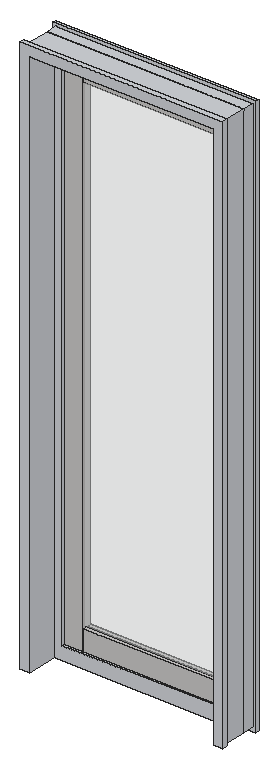
Revit family "APL Residential Thermal Heart Hinged Door Open Out", category Doors, host Wall, Revit 2017 (continued)
Definition of nested family "APL Residential Thermal Heart Hinged Door Open Out Vertical Section"
  Definition of nested family "Open Out Head&Sill"
    Definition of nested family "65200_Rail"
      Lines and regions (mm)
        model lines, in view "Ref. Level"
          curve 4: arc (26.4, 69.48, 0) -> (26.754, 69.626, 0) -> (26.9, 69.98, 0) r 0.5
          curve 5: arc (26.9, 72.45, 0) -> (26.772, 72.668, 0) -> (26.519, 72.663, 0) r 0.25
          curve 6: arc (26.434, 72.611, 0) -> (26.328, 72.479, 0) -> (26.331, 72.309, 0) r 0.25
          curve 7: arc (25.077, 71.544, 0) -> (25.002, 71.511, 0) -> (24.921, 71.5, 0) r 0.3
          curve 8: arc (24.4, 71.5, 0) -> (24.242, 71.578, 0) -> (24.206, 71.75, 0) r 0.2
          curve 9: arc (24.4, 75.753, 0) -> (24.374, 75.875, 0) -> (24.3, 75.976, 0) r 0.3
          curve 10: arc (24.3, 75.976, 0) -> (24.22, 76.307, 0) -> (24.5, 76.5, 0) r 0.3
          curve 11: arc (26.721, 75.957, 0) -> (26.81, 75.905, 0) -> (26.862, 75.816, 0) r 0.2
          curve 12: arc (26.907, 75.648, 0) -> (27.048, 75.507, 0) -> (27.241, 75.559, 0) r 0.2
          curve 13: arc (27.605, 75.922, 0) -> (27.665, 76.008, 0) -> (27.692, 76.108, 0) r 0.3
          curve 14: arc (27.899, 78.474, 0) -> (27.783, 78.738, 0) -> (27.497, 78.782, 0) r 0.3
          curve 15: arc (26.087, 78.268, 0) -> (25.961, 78.181, 0) -> (25.895, 78.043, 0) r 0.3
          curve 16: arc (25.895, 78.043, 0) -> (25.622, 77.801, 0) -> (25.317, 78, 0) r 0.3
          curve 17: arc (9.5, 78, 0) -> (9.359, 77.941, 0) -> (9.3, 77.8, 0) r 0.2
          curve 18: arc (9.3, 77.5, 0) -> (9.38, 77.2, 0) -> (9.6, 76.98, 0) r 0.6
          curve 19: arc (10.7, 76.345, 0) -> (10.773, 76.272, 0) -> (10.8, 76.172, 0) r 0.2
          curve 20: arc (10.8, 72.08, 0) -> (10.507, 71.373, 0) -> (9.8, 71.08, 0) r 1
          curve 21: arc (2.42, 71.08, 0) -> (1.721, 71.366, 0) -> (1.421, 72.06, 0) r 1
          curve 22: arc (1.322, 76.935, 0) -> (1.357, 77.052, 0) -> (1.453, 77.127, 0) r 0.2
          curve 23: arc (1.453, 77.127, 0) -> (1.621, 77.234, 0) -> (1.725, 77.403, 0) r 0.45
          curve 24: arc (1.725, 77.403, 0) -> (1.729, 77.522, 0) -> (1.665, 77.621, 0) r 0.2
          curve 25: arc (0.2, 78, 0) -> (0.059, 77.941, 0) -> (0, 77.8, 0) r 0.2
          curve 26: arc (0, 0.501, 0) -> (0.146, 0.147, 0) -> (0.5, 0, 0) r 0.5
          curve 27: arc (1, 0, 0) -> (1.354, 0.146, 0) -> (1.5, 0.5, 0) r 0.5
          curve 28: arc (1.5, 10.66, 0) -> (1.559, 10.801, 0) -> (1.7, 10.86, 0) r 0.2
          curve 29: arc (31.317, 10.86, 0) -> (31.622, 11.059, 0) -> (31.895, 10.817, 0) r 0.3
          curve 30: arc (31.895, 10.817, 0) -> (31.961, 10.679, 0) -> (32.087, 10.592, 0) r 0.3
          curve 31: arc (33.497, 10.078, 0) -> (33.783, 10.122, 0) -> (33.899, 10.386, 0) r 0.3
          curve 32: arc (33.692, 12.752, 0) -> (33.665, 12.852, 0) -> (33.605, 12.938, 0) r 0.3
          curve 33: arc (33.241, 13.301, 0) -> (33.048, 13.353, 0) -> (32.907, 13.212, 0) r 0.2
          curve 34: arc (32.862, 13.044, 0) -> (32.81, 12.955, 0) -> (32.721, 12.903, 0) r 0.2
          curve 35: arc (30.5, 12.36, 0) -> (30.22, 12.553, 0) -> (30.3, 12.884, 0) r 0.3
          curve 36: arc (30.3, 12.884, 0) -> (30.374, 12.985, 0) -> (30.4, 13.107, 0) r 0.3
          curve 37: arc (30.206, 17.11, 0) -> (30.242, 17.282, 0) -> (30.4, 17.36, 0) r 0.2
          curve 38: arc (30.921, 17.36, 0) -> (31.002, 17.349, 0) -> (31.077, 17.316, 0) r 0.3
          curve 39: arc (32.331, 16.551, 0) -> (32.328, 16.381, 0) -> (32.434, 16.249, 0) r 0.25
          curve 40: arc (32.519, 16.197, 0) -> (32.772, 16.192, 0) -> (32.9, 16.41, 0) r 0.25
          curve 41: arc (32.9, 18.88, 0) -> (32.754, 19.234, 0) -> (32.4, 19.38, 0) r 0.5
          curve 42: arc (29, 19.38, 0) -> (28.646, 19.234, 0) -> (28.5, 18.88, 0) r 0.5
          curve 43: arc (28.5, 12.96, 0) -> (28.354, 12.606, 0) -> (28, 12.46, 0) r 0.5
          curve 44: arc (23.847, 12.46, 0) -> (23.416, 12.707, 0) -> (23.41, 13.203, 0) r 0.5
          curve 45: arc (23.41, 13.203, 0) -> (23.869, 15.613, 0) -> (22.798, 17.82, 0) r 3.9
          curve 46: arc (22.798, 17.82, 0) -> (21.525, 17.837, 0) -> (21.508, 16.565, 0) r 0.9
          curve 47: arc (21.508, 16.565, 0) -> (22.103, 15.1, 0) -> (21.508, 13.635, 0) r 2.1
          curve 48: arc (21.508, 13.635, 0) -> (21.382, 13.473, 0) -> (21.297, 13.286, 0) r 0.9
          curve 49: arc (21.297, 13.286, 0) -> (21.199, 13.114, 0) -> (21.043, 12.993, 0) r 0.5
          curve 50: arc (21.043, 12.993, 0) -> (20.003, 12.75, 0) -> (18.962, 12.993, 0) r 2.35
          curve 51: arc (18.962, 12.993, 0) -> (18.806, 13.114, 0) -> (18.708, 13.286, 0) r 0.5
          curve 52: arc (18.708, 13.286, 0) -> (18.623, 13.473, 0) -> (18.498, 13.635, 0) r 0.9
          curve 53: arc (18.498, 13.635, 0) -> (17.903, 15.1, 0) -> (18.498, 16.565, 0) r 2.1
          curve 54: arc (18.498, 16.565, 0) -> (18.48, 17.837, 0) -> (17.208, 17.82, 0) r 0.9
          curve 55: arc (17.208, 17.82, 0) -> (16.136, 15.613, 0) -> (16.595, 13.203, 0) r 3.9
          curve 56: arc (16.595, 13.203, 0) -> (16.589, 12.707, 0) -> (16.158, 12.46, 0) r 0.5
          curve 57: arc (2.1, 12.46, 0) -> (1.746, 12.606, 0) -> (1.6, 12.96, 0) r 0.5
          curve 58: arc (1.6, 68.98, 0) -> (1.746, 69.334, 0) -> (2.1, 69.48, 0) r 0.5
          curve 59: arc (9.8, 69.48, 0) -> (11.638, 70.242, 0) -> (12.4, 72.08, 0) r 2.6
          curve 60: arc (12.4, 75.9, 0) -> (12.546, 76.254, 0) -> (12.9, 76.4, 0) r 0.5
          curve 61: line (22.103, 70.587, 0) -> (22.103, 69.98, 0)
          curve 62: line (22.603, 69.48, 0) -> (26.4, 69.48, 0)
          curve 63: line (26.9, 69.98, 0) -> (26.9, 72.45, 0)
          curve 64: line (26.331, 72.309, 0) -> (25.077, 71.544, 0)
          curve 65: line (25.077, 71.544, 0) -> (24.4, 71.5, 0)
          curve 66: line (24.206, 71.75, 0) -> (24.394, 72.475, 0)
          curve 67: line (24.394, 72.475, 0) -> (24.4, 75.753, 0)
          curve 68: line (24.654, 76.5, 0) -> (26.721, 75.957, 0)
          curve 69: line (26.721, 75.957, 0) -> (26.907, 75.648, 0)
          curve 70: line (27.241, 75.559, 0) -> (27.605, 75.922, 0)
          curve 71: line (27.692, 76.108, 0) -> (27.899, 78.474, 0)
          curve 72: line (27.497, 78.782, 0) -> (26.087, 78.268, 0)
          curve 73: line (25.317, 78, 0) -> (9.5, 78, 0)
          curve 74: line (9.3, 77.8, 0) -> (9.3, 77.5, 0)
          curve 75: line (9.6, 76.98, 0) -> (10.7, 76.345, 0)
          curve 76: line (10.8, 76.172, 0) -> (10.8, 72.08, 0)
          curve 77: line (9.8, 71.08, 0) -> (2.42, 71.08, 0)
          curve 78: line (1.421, 72.06, 0) -> (1.322, 76.935, 0)
          curve 79: line (1.665, 77.621, 0) -> (1.269, 77.953, 0)
          curve 80: line (1.269, 77.953, 0) -> (0.2, 78, 0)
          curve 81: line (0, 77.8, 0) -> (0, 0.501, 0)
          curve 82: line (0.5, 0, 0) -> (1, 0, 0)
          curve 83: line (1.5, 0.5, 0) -> (1.5, 10.66, 0)
          curve 84: line (1.7, 10.86, 0) -> (31.317, 10.86, 0)
          curve 85: line (32.087, 10.592, 0) -> (33.497, 10.078, 0)
          curve 86: line (33.899, 10.386, 0) -> (33.692, 12.752, 0)
          curve 87: line (33.605, 12.938, 0) -> (33.241, 13.301, 0)
          curve 88: line (32.907, 13.212, 0) -> (32.862, 13.044, 0)
          curve 89: line (32.862, 13.044, 0) -> (30.732, 12.37, 0)
          curve 90: line (30.732, 12.37, 0) -> (30.5, 12.36, 0)
          curve 91: line (30.4, 13.107, 0) -> (30.4, 16.335, 0)
          curve 92: line (30.4, 16.335, 0) -> (30.206, 17.11, 0)
          curve 93: line (30.4, 17.36, 0) -> (30.921, 17.36, 0)
          curve 94: line (30.921, 17.36, 0) -> (32.331, 16.551, 0)
          curve 95: line (32.9, 16.41, 0) -> (32.9, 18.88, 0)
          curve 96: line (32.4, 19.38, 0) -> (29, 19.38, 0)
          curve 97: line (28.5, 18.88, 0) -> (28.5, 12.96, 0)
          curve 98: line (28, 12.46, 0) -> (23.847, 12.46, 0)
          curve 99: line (16.158, 12.46, 0) -> (2.1, 12.46, 0)
          curve 100: line (1.6, 12.96, 0) -> (1.6, 68.98, 0)
          curve 101: line (2.1, 69.48, 0) -> (9.8, 69.48, 0)
          curve 102: line (12.4, 72.08, 0) -> (12.4, 75.9, 0)
          curve 103: line (12.9, 76.4, 0) -> (16.164, 76.4, 0)
          curve 104: arc (16.164, 76.4, 0) -> (16.595, 76.153, 0) -> (16.6, 75.656, 0) r 0.5
          curve 105: arc (16.6, 75.656, 0) -> (16.136, 73.242, 0) -> (17.208, 71.03, 0) r 3.9
          curve 106: arc (17.208, 71.03, 0) -> (18.48, 71.013, 0) -> (18.498, 72.285, 0) r 0.9
          curve 107: arc (18.498, 72.285, 0) -> (17.903, 73.75, 0) -> (18.498, 75.215, 0) r 2.1
          curve 108: arc (18.498, 75.215, 0) -> (18.623, 75.377, 0) -> (18.708, 75.564, 0) r 0.9
          curve 109: arc (18.708, 75.564, 0) -> (18.806, 75.736, 0) -> (18.962, 75.857, 0) r 0.5
          curve 110: arc (18.962, 75.857, 0) -> (20.003, 76.1, 0) -> (21.043, 75.857, 0) r 2.35
          curve 111: arc (21.043, 75.857, 0) -> (21.199, 75.736, 0) -> (21.297, 75.564, 0) r 0.5
          curve 112: arc (21.297, 75.564, 0) -> (21.382, 75.377, 0) -> (21.508, 75.215, 0) r 0.9
          curve 113: arc (21.508, 75.215, 0) -> (22.103, 73.75, 0) -> (21.508, 72.285, 0) r 2.1
          curve 114: arc (30.4, 16.46, 0) -> (30.517, 16.743, 0) -> (30.8, 16.86, 0) r 0.4
          curve 115: arc (31.093, 16.86, 0) -> (31.196, 16.846, 0) -> (31.293, 16.806, 0) r 0.4
          curve 116: arc (32.821, 15.921, 0) -> (33.111, 15.801, 0) -> (33.422, 15.76, 0) r 1.2
          curve 117: arc (34.345, 15.76, 0) -> (34.918, 15.579, 0) -> (35.284, 15.102, 0) r 1
          curve 118: arc (36.077, 12.923, 0) -> (36.224, 12.732, 0) -> (36.453, 12.66, 0) r 0.4
          curve 119: arc (42.947, 12.66, 0) -> (43.176, 12.732, 0) -> (43.323, 12.923, 0) r 0.4
          curve 120: arc (44.116, 15.102, 0) -> (44.482, 15.579, 0) -> (45.055, 15.76, 0) r 1
          curve 121: arc (45.978, 15.76, 0) -> (46.289, 15.801, 0) -> (46.579, 15.921, 0) r 1.2
          curve 122: arc (48.107, 16.806, 0) -> (48.204, 16.846, 0) -> (48.307, 16.86, 0) r 0.4
          curve 123: arc (48.6, 16.86, 0) -> (48.883, 16.743, 0) -> (49, 16.46, 0) r 0.4
          curve 124: arc (49, 13.06, 0) -> (48.883, 12.777, 0) -> (48.6, 12.66, 0) r 0.4
          curve 125: arc (48.307, 12.66, 0) -> (48.204, 12.674, 0) -> (48.107, 12.714, 0) r 0.4
          curve 126: arc (46.579, 13.599, 0) -> (46.285, 13.72, 0) -> (45.97, 13.76, 0) r 1.2
          curve 127: arc (45.97, 13.76, 0) -> (45.795, 13.707, 0) -> (45.684, 13.563, 0) r 0.3
          curve 128: arc (44.796, 11.123, 0) -> (44.649, 10.932, 0) -> (44.42, 10.86, 0) r 0.4
          curve 129: arc (34.98, 10.86, 0) -> (34.751, 10.932, 0) -> (34.604, 11.123, 0) r 0.4
          curve 130: arc (33.716, 13.563, 0) -> (33.605, 13.707, 0) -> (33.43, 13.76, 0) r 0.3
          curve 131: arc (33.43, 13.76, 0) -> (33.115, 13.72, 0) -> (32.821, 13.599, 0) r 1.2
          curve 132: arc (31.293, 12.714, 0) -> (31.196, 12.674, 0) -> (31.093, 12.66, 0) r 0.4
          curve 133: arc (30.8, 12.66, 0) -> (30.517, 12.777, 0) -> (30.4, 13.06, 0) r 0.4
          curve 134: line (30.8, 16.86, 0) -> (31.093, 16.86, 0)
          curve 135: line (31.293, 16.806, 0) -> (32.821, 15.921, 0)
          curve 136: line (33.422, 15.76, 0) -> (34.345, 15.76, 0)
          curve 137: line (35.284, 15.102, 0) -> (36.077, 12.923, 0)
          curve 138: line (36.453, 12.66, 0) -> (42.947, 12.66, 0)
          curve 139: line (43.323, 12.923, 0) -> (44.116, 15.102, 0)
          curve 140: line (45.055, 15.76, 0) -> (45.978, 15.76, 0)
          curve 141: line (46.579, 15.921, 0) -> (48.107, 16.806, 0)
          curve 142: line (48.307, 16.86, 0) -> (48.6, 16.86, 0)
          curve 143: line (49, 16.46, 0) -> (49, 13.06, 0)
          curve 144: line (48.6, 12.66, 0) -> (48.307, 12.66, 0)
          curve 145: line (48.107, 12.714, 0) -> (46.579, 13.599, 0)
          curve 146: line (45.684, 13.563, 0) -> (44.796, 11.123, 0)
          curve 147: line (44.42, 10.86, 0) -> (34.98, 10.86, 0)
          curve 148: line (34.604, 11.123, 0) -> (33.716, 13.563, 0)
          curve 149: line (32.821, 13.599, 0) -> (31.293, 12.714, 0)
          curve 150: line (31.093, 12.66, 0) -> (30.8, 12.66, 0)
          curve 151: line (30.4, 13.06, 0) -> (30.4, 16.46, 0)
          curve 152: arc (24.4, 72.4, 0) -> (24.517, 72.117, 0) -> (24.8, 72, 0) r 0.4
          curve 153: arc (25.093, 72, 0) -> (25.196, 72.014, 0) -> (25.293, 72.054, 0) r 0.4
          curve 154: arc (26.821, 72.939, 0) -> (27.111, 73.059, 0) -> (27.422, 73.1, 0) r 1.2
          curve 155: arc (28.345, 73.1, 0) -> (28.918, 73.281, 0) -> (29.284, 73.758, 0) r 1
          curve 156: arc (30.077, 75.937, 0) -> (30.224, 76.128, 0) -> (30.453, 76.2, 0) r 0.4
          curve 157: arc (36.947, 76.2, 0) -> (37.176, 76.128, 0) -> (37.323, 75.937, 0) r 0.4
          curve 158: arc (38.116, 73.758, 0) -> (38.482, 73.281, 0) -> (39.055, 73.1, 0) r 1
          curve 159: arc (39.978, 73.1, 0) -> (40.289, 73.059, 0) -> (40.579, 72.939, 0) r 1.2
          curve 160: arc (42.107, 72.054, 0) -> (42.204, 72.014, 0) -> (42.307, 72, 0) r 0.4
          curve 161: arc (42.6, 72, 0) -> (42.883, 72.117, 0) -> (43, 72.4, 0) r 0.4
          curve 162: arc (43, 75.8, 0) -> (42.883, 76.083, 0) -> (42.6, 76.2, 0) r 0.4
          curve 163: arc (42.307, 76.2, 0) -> (42.204, 76.186, 0) -> (42.107, 76.146, 0) r 0.4
          curve 164: arc (40.579, 75.261, 0) -> (40.285, 75.14, 0) -> (39.97, 75.1, 0) r 1.2
          curve 165: arc (39.97, 75.1, 0) -> (39.795, 75.153, 0) -> (39.684, 75.297, 0) r 0.3
          curve 166: arc (38.796, 77.737, 0) -> (38.649, 77.928, 0) -> (38.42, 78, 0) r 0.4
          curve 167: arc (28.98, 78, 0) -> (28.751, 77.928, 0) -> (28.604, 77.737, 0) r 0.4
          curve 168: arc (27.716, 75.297, 0) -> (27.605, 75.153, 0) -> (27.43, 75.1, 0) r 0.3
          curve 169: arc (27.43, 75.1, 0) -> (27.115, 75.14, 0) -> (26.821, 75.261, 0) r 1.2
          curve 170: arc (25.293, 76.146, 0) -> (25.196, 76.186, 0) -> (25.093, 76.2, 0) r 0.4
          curve 171: arc (24.8, 76.2, 0) -> (24.517, 76.083, 0) -> (24.4, 75.8, 0) r 0.4
          curve 172: line (24.8, 72, 0) -> (25.093, 72, 0)
          curve 173: line (25.293, 72.054, 0) -> (26.821, 72.939, 0)
          curve 174: line (27.422, 73.1, 0) -> (28.345, 73.1, 0)
          curve 175: line (29.284, 73.758, 0) -> (30.077, 75.937, 0)
          curve 176: line (30.453, 76.2, 0) -> (36.947, 76.2, 0)
          curve 177: line (37.323, 75.937, 0) -> (38.116, 73.758, 0)
          curve 178: line (39.055, 73.1, 0) -> (39.978, 73.1, 0)
          curve 179: line (40.579, 72.939, 0) -> (42.107, 72.054, 0)
          curve 180: line (42.307, 72, 0) -> (42.6, 72, 0)
          curve 181: line (43, 72.4, 0) -> (43, 75.8, 0)
          curve 182: line (42.6, 76.2, 0) -> (42.307, 76.2, 0)
          curve 183: line (42.107, 76.146, 0) -> (40.579, 75.261, 0)
          curve 184: line (39.684, 75.297, 0) -> (38.796, 77.737, 0)
          curve 185: line (38.42, 78, 0) -> (28.98, 78, 0)
          curve 186: line (28.604, 77.737, 0) -> (27.716, 75.297, 0)
          curve 187: line (26.821, 75.261, 0) -> (25.293, 76.146, 0)
          curve 188: line (25.093, 76.2, 0) -> (24.8, 76.2, 0)
          curve 189: line (24.4, 75.8, 0) -> (24.4, 72.4, 0)
          curve 190: arc (44.4, 69.6, 0) -> (44.754, 69.746, 0) -> (44.9, 70.1, 0) r 0.5
          curve 191: arc (44.9, 76.091, 0) -> (44.955, 76.318, 0) -> (45.108, 76.496, 0) r 0.5
          curve 192: arc (45.108, 76.496, 0) -> (45.336, 76.687, 0) -> (45.535, 76.908, 0) r 2.1
          curve 193: arc (45.535, 76.908, 0) -> (45.71, 77.049, 0) -> (45.929, 77.1, 0) r 0.5
          curve 194: arc (49, 77.1, 0) -> (49.354, 76.954, 0) -> (49.5, 76.6, 0) r 0.5
          curve 195: arc (49.5, 23.4, 0) -> (49.354, 23.046, 0) -> (49, 22.9, 0) r 0.5
          curve 196: arc (44.8, 22.9, 0) -> (44.659, 22.841, 0) -> (44.6, 22.7, 0) r 0.2
          curve 197: arc (44.6, 21.1, 0) -> (44.659, 20.959, 0) -> (44.8, 20.9, 0) r 0.2
          curve 198: arc (49.295, 20.9, 0) -> (49.436, 20.841, 0) -> (49.495, 20.7, 0) r 0.2
          curve 199: arc (49.495, 19.46, 0) -> (49.436, 19.319, 0) -> (49.295, 19.26, 0) r 0.2
          curve 200: arc (47.809, 19.26, 0) -> (47.674, 19.241, 0) -> (47.549, 19.187, 0) r 0.5
          curve 201: arc (46.979, 18.839, 0) -> (46.628, 18.475, 0) -> (46.5, 17.986, 0) r 1
          curve 202: arc (46.5, 16.41, 0) -> (46.628, 16.192, 0) -> (46.88, 16.197, 0) r 0.25
          curve 203: arc (46.966, 16.249, 0) -> (47.072, 16.381, 0) -> (47.069, 16.551, 0) r 0.25
          curve 204: arc (48.323, 17.316, 0) -> (48.398, 17.349, 0) -> (48.479, 17.36, 0) r 0.3
          curve 205: arc (49, 17.36, 0) -> (49.158, 17.282, 0) -> (49.194, 17.11, 0) r 0.2
          curve 206: arc (49, 13.107, 0) -> (49.026, 12.985, 0) -> (49.1, 12.884, 0) r 0.3
          curve 207: arc (49.1, 12.884, 0) -> (49.18, 12.553, 0) -> (48.9, 12.36, 0) r 0.3
          curve 208: arc (46.679, 12.903, 0) -> (46.59, 12.955, 0) -> (46.538, 13.044, 0) r 0.2
          curve 209: arc (46.493, 13.212, 0) -> (46.352, 13.353, 0) -> (46.159, 13.301, 0) r 0.2
          curve 210: arc (45.795, 12.938, 0) -> (45.735, 12.852, 0) -> (45.708, 12.752, 0) r 0.3
          curve 211: arc (45.501, 10.386, 0) -> (45.617, 10.122, 0) -> (45.903, 10.078, 0) r 0.3
          curve 212: arc (47.313, 10.592, 0) -> (47.439, 10.679, 0) -> (47.505, 10.817, 0) r 0.3
          curve 213: arc (47.505, 10.817, 0) -> (47.778, 11.059, 0) -> (48.083, 10.86, 0) r 0.3
          curve 214: arc (49.4, 10.86, 0) -> (49.754, 10.714, 0) -> (49.9, 10.36, 0) r 0.5
          curve 215: arc (49.9, 0.5, 0) -> (50.046, 0.146, 0) -> (50.4, 0, 0) r 0.5
          curve 216: arc (50.9, 0, 0) -> (51.254, 0.146, 0) -> (51.4, 0.5, 0) r 0.5
          curve 217: arc (51.4, 96.5, 0) -> (51.254, 96.854, 0) -> (50.9, 97, 0) r 0.5
          curve 218: arc (43, 97, 0) -> (42.646, 96.854, 0) -> (42.5, 96.5, 0) r 0.5
          curve 219: arc (42.5, 95.25, 0) -> (43, 94.75, 0) -> (43.5, 95.25, 0) r 0.5
          curve 220: arc (43.5, 95.8, 0) -> (43.559, 95.941, 0) -> (43.7, 96, 0) r 0.2
          curve 221: arc (44.8, 96, 0) -> (44.941, 95.941, 0) -> (45, 95.8, 0) r 0.2
          curve 222: arc (45, 90.7, 0) -> (44.941, 90.559, 0) -> (44.8, 90.5, 0) r 0.2
          curve 223: arc (43.7, 90.5, 0) -> (43.559, 90.559, 0) -> (43.5, 90.7, 0) r 0.2
          curve 224: arc (43.5, 91.25, 0) -> (43, 91.75, 0) -> (42.5, 91.25, 0) r 0.5
          curve 225: arc (42.5, 89.7, 0) -> (42.559, 89.559, 0) -> (42.7, 89.5, 0) r 0.2
          curve 226: arc (46.3, 89.5, 0) -> (46.441, 89.559, 0) -> (46.5, 89.7, 0) r 0.2
          curve 227: arc (46.5, 95, 0) -> (46.646, 95.354, 0) -> (47, 95.5, 0) r 0.5
          curve 228: arc (49, 95.5, 0) -> (49.354, 95.354, 0) -> (49.5, 95, 0) r 0.5
          curve 229: arc (49.5, 79.5, 0) -> (49.354, 79.146, 0) -> (49, 79, 0) r 0.5
          curve 230: arc (44.88, 79, 0) -> (44.739, 78.941, 0) -> (44.68, 78.8, 0) r 0.2
          curve 231: arc (44.68, 78.2, 0) -> (44.621, 78.059, 0) -> (44.48, 78, 0) r 0.2
          curve 232: arc (42.083, 78, 0) -> (41.778, 77.801, 0) -> (41.505, 78.043, 0) r 0.3
          curve 233: arc (41.505, 78.043, 0) -> (41.439, 78.181, 0) -> (41.313, 78.268, 0) r 0.3
          curve 234: arc (39.903, 78.782, 0) -> (39.617, 78.738, 0) -> (39.501, 78.474, 0) r 0.3
          curve 235: arc (39.708, 76.108, 0) -> (39.735, 76.008, 0) -> (39.795, 75.922, 0) r 0.3
          curve 236: arc (40.159, 75.559, 0) -> (40.352, 75.507, 0) -> (40.493, 75.648, 0) r 0.2
          curve 237: arc (40.538, 75.816, 0) -> (40.59, 75.905, 0) -> (40.679, 75.957, 0) r 0.2
          curve 238: arc (42.9, 76.5, 0) -> (43.18, 76.307, 0) -> (43.1, 75.976, 0) r 0.3
          curve 239: arc (43.1, 75.976, 0) -> (43.026, 75.875, 0) -> (43, 75.753, 0) r 0.3
          curve 240: arc (43.194, 71.75, 0) -> (43.158, 71.578, 0) -> (43, 71.5, 0) r 0.2
          curve 241: arc (42.479, 71.5, 0) -> (42.398, 71.511, 0) -> (42.323, 71.544, 0) r 0.3
          curve 242: arc (41.069, 72.309, 0) -> (41.072, 72.479, 0) -> (40.966, 72.611, 0) r 0.25
          curve 243: arc (40.88, 72.663, 0) -> (40.628, 72.668, 0) -> (40.5, 72.45, 0) r 0.25
          curve 244: arc (40.5, 70.874, 0) -> (40.628, 70.385, 0) -> (40.979, 70.021, 0) r 1
          curve 245: arc (41.549, 69.673, 0) -> (41.674, 69.619, 0) -> (41.809, 69.6, 0) r 0.5
          curve 246: line (44.9, 70.1, 0) -> (44.9, 76.091, 0)
          curve 247: line (45.929, 77.1, 0) -> (49, 77.1, 0)
          curve 248: line (49.5, 76.6, 0) -> (49.5, 23.4, 0)
          curve 249: line (49, 22.9, 0) -> (44.8, 22.9, 0)
          curve 250: line (44.6, 22.7, 0) -> (44.6, 21.1, 0)
          curve 251: line (44.8, 20.9, 0) -> (49.295, 20.9, 0)
          curve 252: line (49.495, 20.7, 0) -> (49.495, 19.46, 0)
          curve 253: line (49.295, 19.26, 0) -> (47.809, 19.26, 0)
          curve 254: line (47.549, 19.187, 0) -> (46.979, 18.839, 0)
          curve 255: line (46.5, 17.986, 0) -> (46.5, 16.41, 0)
          curve 256: line (47.069, 16.551, 0) -> (48.323, 17.316, 0)
          curve 257: line (48.323, 17.316, 0) -> (49, 17.36, 0)
          curve 258: line (49.194, 17.11, 0) -> (49.006, 16.385, 0)
          curve 259: line (49.006, 16.385, 0) -> (49, 13.107, 0)
          curve 260: line (48.746, 12.36, 0) -> (46.679, 12.903, 0)
          curve 261: line (46.679, 12.903, 0) -> (46.493, 13.212, 0)
          curve 262: line (46.159, 13.301, 0) -> (45.795, 12.938, 0)
          curve 263: line (45.708, 12.752, 0) -> (45.501, 10.386, 0)
          curve 264: line (45.903, 10.078, 0) -> (47.313, 10.592, 0)
          curve 265: line (48.083, 10.86, 0) -> (49.4, 10.86, 0)
          curve 266: line (49.9, 10.36, 0) -> (49.9, 0.5, 0)
          curve 267: line (50.4, 0, 0) -> (50.9, 0, 0)
          curve 268: line (51.4, 0.5, 0) -> (51.4, 96.5, 0)
          curve 269: line (43, 97, 0) -> (50.9, 97, 0)
          curve 270: line (50.9, 97, 0) -> (43, 97, 0)
          curve 271: line (42.5, 96.5, 0) -> (42.5, 95.25, 0)
          curve 272: line (43.5, 95.25, 0) -> (43.5, 95.8, 0)
          curve 273: line (43.7, 96, 0) -> (44.8, 96, 0)
          curve 274: line (45, 95.8, 0) -> (45, 90.7, 0)
          curve 275: line (44.8, 90.5, 0) -> (43.7, 90.5, 0)
          curve 276: line (43.5, 90.7, 0) -> (43.5, 91.25, 0)
          curve 277: line (42.5, 91.25, 0) -> (42.5, 89.7, 0)
          curve 278: line (42.7, 89.5, 0) -> (46.3, 89.5, 0)
          curve 279: line (46.5, 89.7, 0) -> (46.5, 95, 0)
          curve 280: line (47, 95.5, 0) -> (49, 95.5, 0)
          curve 281: line (49.5, 95, 0) -> (49.5, 79.5, 0)
          curve 282: line (49, 79, 0) -> (44.88, 79, 0)
          curve 283: line (44.68, 78.8, 0) -> (44.68, 78.2, 0)
          curve 284: line (44.48, 78, 0) -> (42.083, 78, 0)
          curve 285: line (41.313, 78.268, 0) -> (39.903, 78.782, 0)
          curve 286: line (39.501, 78.474, 0) -> (39.708, 76.108, 0)
          curve 287: line (39.795, 75.922, 0) -> (40.159, 75.559, 0)
          curve 288: line (40.493, 75.648, 0) -> (40.538, 75.816, 0)
          curve 289: line (40.538, 75.816, 0) -> (42.668, 76.49, 0)
          curve 290: line (42.668, 76.49, 0) -> (42.9, 76.5, 0)
          curve 291: line (43, 75.753, 0) -> (43, 72.525, 0)
          curve 292: line (43, 72.525, 0) -> (43.194, 71.75, 0)
          curve 293: line (43, 71.5, 0) -> (42.479, 71.5, 0)
          curve 294: line (42.479, 71.5, 0) -> (41.069, 72.309, 0)
          curve 295: line (40.5, 72.45, 0) -> (40.5, 70.874, 0)
          curve 296: line (40.979, 70.021, 0) -> (41.549, 69.673, 0)
          curve 297: line (41.809, 69.6, 0) -> (44.4, 69.6, 0)
      Text (mm)
        text "65200" at (8.462, 126.741, 0), in view "Ref. Level"
  Definition of nested family "Glazing Bead"
    Parameters (values of type "Glazing Bead")
      Glass Lenght [instance] = 50 mm
    Reference planes
      plane 1 "Center (Front/Back)": y = 0
      plane 2: z = 0
      plane 3 "Center (Left/Right)": x = 0
      plane 4: y = -50
    Lines and regions (mm)
      Filled region 1, type "Solid Fill - Black", in view "Ref. Level"
        outline origin (0, 0, 0) x (1, 0, 0) y (0, 1, 0)
          loop
            line (4, 0) -> (4, -12) -> (20, -12) -> (20, 0) -> (4, 0)
      model lines, in view "Ref. Level"
        curve 1: line (4, -12, 0) -> (20, -12, 0)
        curve 2: line (0, -50, 0) -> (0, 0, 0)
        curve 3: line (0, 0, 0) -> (24, 0, 0)
        curve 4: line (24, 0, 0) -> (24, -50, 0)
        curve 5: line (20, 0, 0) -> (20, -50, 0)
        curve 6: line (4, 0, 0) -> (4, -50, 0)
      detail lines, in view "Ref. Level"
        curve 7: arc (-0.25, -4.9, 0) -> (0, -5.15, 0) -> (-0.25, -5.4, 0) r 0.25
        curve 8: arc (-0.25, -8.45, 0) -> (0, -8.7, 0) -> (-0.25, -8.95, 0) r 0.25
        curve 9: arc (-0.25, -9.619, 0) -> (0, -9.869, 0) -> (-0.25, -10.119, 0) r 0.25
        curve 10: arc (-0.25, -10.787, 0) -> (0, -11.037, 0) -> (-0.25, -11.287, 0) r 0.25
        curve 11: line (-0.25, -12.456, 0) -> (-1, -12.456, 0)
        curve 12: line (-1, -12.456, 0) -> (-1, -8.45, 0)
        curve 13: line (-1, -8.45, 0) -> (-2.2, -8.45, 0)
        curve 14: line (-2.2, -8.45, 0) -> (-2.2, -9.2, 0)
        curve 15: line (-2.2, -9.2, 0) -> (-2.8, -9.2, 0)
        curve 16: line (-2.8, -9.2, 0) -> (-2.8, -6.1, 0)
        curve 17: line (-2.8, -6.1, 0) -> (-2.2, -6.1, 0)
        curve 18: line (-2.2, -6.1, 0) -> (-2.2, -6.85, 0)
        curve 19: line (-2.2, -6.85, 0) -> (-1, -6.85, 0)
        curve 20: line (-1, -6.85, 0) -> (-1, -4.9, 0)
        curve 21: line (-1, -4.9, 0) -> (-0.25, -4.9, 0)
        curve 22: line (-0.25, -5.4, 0) -> (-0.25, -8.45, 0)
        curve 23: line (-0.25, -8.95, 0) -> (-0.25, -9.619, 0)
        curve 24: line (-0.25, -10.119, 0) -> (-0.25, -10.787, 0)
        curve 25: line (-0.25, -11.287, 0) -> (-0.25, -11.956, 0)
        curve 26: arc (-0.25, -11.956, 0) -> (0, -12.206, 0) -> (-0.25, -12.456, 0) r 0.25
      detail lines, in view "Ref. Level", not visible
        curve 27: arc (-0.25, -4.9, 0) -> (0, -5.15, 0) -> (-0.25, -5.4, 0) r 0.25
        curve 28: arc (-0.25, -8.45, 0) -> (0, -8.7, 0) -> (-0.25, -8.95, 0) r 0.25
        curve 29: arc (-0.25, -9.619, 0) -> (0, -9.869, 0) -> (-0.25, -10.119, 0) r 0.25
        curve 30: arc (-0.25, -10.787, 0) -> (0, -11.037, 0) -> (-0.25, -11.287, 0) r 0.25
        curve 31: line (-0.25, -12.456, 0) -> (-1, -12.456, 0)
        curve 32: line (-1, -12.456, 0) -> (-1, -8.45, 0)
        curve 33: line (-1, -8.45, 0) -> (-2.2, -8.45, 0)
        curve 34: line (-2.2, -8.45, 0) -> (-2.2, -9.2, 0)
        curve 35: line (-2.2, -9.2, 0) -> (-2.8, -9.2, 0)
        curve 36: line (-2.8, -9.2, 0) -> (-2.8, -6.1, 0)
        curve 37: line (-2.8, -6.1, 0) -> (-2.2, -6.1, 0)
        curve 38: line (-2.2, -6.1, 0) -> (-2.2, -6.85, 0)
        curve 39: line (-2.2, -6.85, 0) -> (-1, -6.85, 0)
        curve 40: line (-1, -6.85, 0) -> (-1, -4.9, 0)
        curve 41: line (-1, -4.9, 0) -> (-0.25, -4.9, 0)
        curve 42: line (-0.25, -5.4, 0) -> (-0.25, -8.45, 0)
        curve 43: line (-0.25, -8.95, 0) -> (-0.25, -9.619, 0)
        curve 44: line (-0.25, -10.119, 0) -> (-0.25, -10.787, 0)
        curve 45: line (-0.25, -11.287, 0) -> (-0.25, -11.956, 0)
        curve 46: arc (-0.25, -11.956, 0) -> (0, -12.206, 0) -> (-0.25, -12.456, 0) r 0.25
        curve 47: arc (62.983, -3.041, 0) -> (62.673, -2.901, 0) -> (62.511, -3.2, 0) r 0.25
        curve 48: arc (62.537, -13.088, 0) -> (62.7, -13.387, 0) -> (63.01, -13.247, 0) r 0.25
        curve 49: line (62.511, -3.2, 0) -> (63.505, -7.068, 0)
        curve 50: line (63.505, -7.068, 0) -> (62.502, -7.647, 0)
        curve 51: line (62.502, -7.647, 0) -> (62.502, -8.647, 0)
        curve 52: line (62.502, -8.647, 0) -> (63.527, -9.239, 0)
        curve 53: line (63.527, -9.239, 0) -> (62.537, -13.088, 0)
        curve 54: line (63.01, -13.247, 0) -> (64.734, -9.147, 0)
        curve 55: line (64.734, -9.147, 0) -> (66.002, -9.147, 0)
        curve 56: line (66.002, -9.147, 0) -> (66.002, -10.397, 0)
        curve 57: line (66.002, -10.397, 0) -> (67.002, -10.397, 0)
        curve 58: line (67.002, -10.397, 0) -> (67.002, -5.897, 0)
        curve 59: line (67.002, -5.897, 0) -> (66.002, -5.897, 0)
        curve 60: line (66.002, -5.897, 0) -> (66.002, -7.147, 0)
        curve 61: line (66.002, -7.147, 0) -> (64.71, -7.147, 0)
        curve 62: line (64.71, -7.147, 0) -> (62.983, -3.041, 0)
    Dimensions and locks
      "Glass Lenght": plane 1 "Center (Front/Back)" to plane 4
      aligned and locked: plane 4 to curve 2
      aligned and locked: plane 1 "Center (Front/Back)" to Filled region 1 sketch curve
      aligned and locked: Filled region 1 sketch curve to curve 6
      aligned and locked: Filled region 1 sketch curve to curve 1
      aligned and locked: Filled region 1 sketch curve to curve 5
    Automatic sketch dimensions
      plane 1 "Center (Front/Back)" to curve 2 = 0 mm
      curve 2 to plane 3 "Center (Left/Right)" = 0 mm
      curve 6 to plane 4 = 0 mm
      curve 5 to plane 4 = 0 mm
      curve 4 to plane 4 = 0 mm
      curve 5 to curve 3 = 4 mm
      plane 3 "Center (Left/Right)" to curve 1 = 4 mm
      curve 6 to curve 5 = 16 mm
      plane 1 "Center (Front/Back)" to curve 1 = 12 mm
    Nested families
      nested 1: "65015_Bead" at (-15.5, 6.328, 0), type "65015_Bead", in view "Ref. Level"
    Definition of nested family "65015_Bead"
      Reference planes
        plane 1 "Center (Front/Back)": y = 0
        plane 2: z = 0
        plane 3 "Center (Left/Right)": x = 0
      Lines and regions (mm)
        model lines, in view "Ref. Level"
          curve 1: arc (13.5, 12.78, 0) -> (13.558, 12.92, 0) -> (13.698, 12.978, 0) r 0.198
          curve 2: arc (14.302, 12.978, 0) -> (14.442, 12.918, 0) -> (14.5, 12.777, 0) r 0.201
          curve 3: arc (14.5, 10.175, 0) -> (14.442, 10.036, 0) -> (14.302, 9.978, 0) r 0.198
          curve 4: arc (13.698, 9.978, 0) -> (13.558, 10.036, 0) -> (13.5, 10.175, 0) r 0.198
          curve 5: arc (13.5, 11.027, 0) -> (13.442, 11.169, 0) -> (13.3, 11.228, 0) r 0.2
          curve 6: arc (12.7, 11.228, 0) -> (11.851, 11.579, 0) -> (11.5, 12.428, 0) r 1.2
          curve 7: arc (11.5, 13.628, 0) -> (11.377, 13.813, 0) -> (11.159, 13.769, 0) r 0.2
          curve 8: arc (1.546, 4.157, 0) -> (1.438, 3.995, 0) -> (1.4, 3.804, 0) r 0.5
          curve 9: arc (1.4, 1.817, 0) -> (1.467, 1.567, 0) -> (1.65, 1.384, 0) r 0.5
          curve 10: arc (10.675, -3.827, 0) -> (10.913, -4.714, 0) -> (10.025, -4.952, 0) r 0.65
          curve 11: arc (3.306, -1.073, 0) -> (2.928, -1.023, 0) -> (2.624, -1.254, 0) r 0.5
          curve 12: arc (2.587, -2.129, 0) -> (2.248, -2.45, 0) -> (1.791, -2.352, 0) r 0.5
          curve 13: arc (1.518, -2.123, 0) -> (1.466, -2.054, 0) -> (1.447, -1.97, 0) r 0.2
          curve 14: arc (1.447, -1.115, 0) -> (1.476, -1.011, 0) -> (1.555, -0.938, 0) r 0.2
          curve 15: arc (1.555, -0.938, 0) -> (1.717, -0.809, 0) -> (1.82, -0.63, 0) r 0.55
          curve 16: arc (1.82, -0.63, 0) -> (1.825, -0.452, 0) -> (1.729, -0.302, 0) r 0.3
          curve 17: arc (0.2, 0, 0) -> (0.059, 0.059, 0) -> (0, 0.2, 0) r 0.2
          curve 18: arc (0, 4.383, 0) -> (0.038, 4.575, 0) -> (0.146, 4.737, 0) r 0.5
          curve 19: arc (14.159, 18.749, 0) -> (14.377, 18.792, 0) -> (14.5, 18.608, 0) r 0.2
          curve 20: arc (14.5, 15.172, 0) -> (14.442, 15.034, 0) -> (14.303, 14.978, 0) r 0.194
          curve 21: arc (13.698, 14.978, 0) -> (13.559, 15.038, 0) -> (13.5, 15.177, 0) r 0.203
          curve 22: arc (13.5, 15.528, 0) -> (13.441, 15.669, 0) -> (13.3, 15.728, 0) r 0.201
          curve 23: arc (12.7, 15.728, 0) -> (12.559, 15.669, 0) -> (12.5, 15.528, 0) r 0.2
          curve 24: arc (12.5, 12.428, 0) -> (12.559, 12.286, 0) -> (12.7, 12.228, 0) r 0.2
          curve 25: line (13.5, 12.428, 0) -> (13.5, 12.78, 0)
          curve 26: line (13.698, 12.978, 0) -> (14.302, 12.978, 0)
          curve 27: line (14.5, 12.777, 0) -> (14.5, 10.175, 0)
          curve 28: line (14.302, 9.978, 0) -> (13.698, 9.978, 0)
          curve 29: line (13.5, 10.175, 0) -> (13.5, 11.027, 0)
          curve 30: line (13.3, 11.228, 0) -> (12.7, 11.228, 0)
          curve 31: line (11.5, 12.428, 0) -> (11.5, 13.628, 0)
          curve 32: line (11.159, 13.769, 0) -> (1.546, 4.157, 0)
          curve 33: line (1.4, 3.804, 0) -> (1.4, 1.817, 0)
          curve 34: line (1.65, 1.384, 0) -> (10.675, -3.827, 0)
          curve 35: line (10.025, -4.952, 0) -> (3.306, -1.073, 0)
          curve 36: line (2.597, -1.355, 0) -> (2.597, -2.065, 0)
          curve 37: line (1.791, -2.352, 0) -> (1.518, -2.123, 0)
          curve 38: line (1.518, -2.123, 0) -> (1.447, -1.115, 0)
          curve 39: line (1.729, -0.302, 0) -> (1.425, -0.047, 0)
          curve 40: line (1.425, -0.047, 0) -> (0.2, 0, 0)
          curve 41: line (0, 0.2, 0) -> (0, 4.383, 0)
          curve 42: line (0.146, 4.737, 0) -> (14.159, 18.749, 0)
          curve 43: line (14.5, 18.608, 0) -> (14.5, 15.172, 0)
          curve 44: line (14.303, 14.978, 0) -> (13.698, 14.978, 0)
          curve 45: line (13.5, 15.177, 0) -> (13.5, 15.528, 0)
          curve 46: line (13.3, 15.728, 0) -> (12.7, 15.728, 0)
          curve 47: line (12.5, 15.528, 0) -> (12.5, 12.428, 0)
          curve 48: line (12.7, 12.228, 0) -> (13.3, 12.228, 0)
          curve 49: arc (13.3, 12.228, 0) -> (13.441, 12.286, 0) -> (13.5, 12.428, 0) r 0.2
      Text (mm)
        text "65015" at (32.01, 10.207, 0), in view "Ref. Level"
Definition of nested family "APL Residential Thermal Heart Hinged Door Open Out Horizontal Section"
  Parameters (values of type "Groove")
    Liner End [instance] = 10 mm
    Liner Block = Liner : Liner
    Liner [instance] = 100 mm
    Jamb Liner 2 = yes
    Jamb Liner 1 = yes
    Groove [instance] = 10 mm
    Glass Length 1 [instance] = Box Width - 233 mm  # 467 mm
    Box Width [instance] = 700 mm
  Types (2, lengths in mm): name | Liner Block
    No Groove | Liner No Groove : Liner No Groove
    Groove | Liner : Liner
  Reference planes
    plane 1 "Center (Front/Back)": y = 14.873
    plane 2: z = 0
    plane 3 "Center (Left/Right)": x = -408.062
    plane 4: x = -758.062
    plane 5: x = -58.062
    plane 6: y = 61.573
    plane 7: y = 60.873
    plane 8: x = -50.562
    plane 9: y = 19.873
  Dimensions and locks
    "Liner": plane 7 to nested 1
    "Liner": nested 2 to plane 6
    locked: plane 5 to plane 8 at 7.5
    locked: plane 4 to nested 4 at 115.75
    equal spacing: plane 4, plane 3 "Center (Left/Right)", plane 5
    "Box Width": plane 4 to plane 5
    locked: nested 5 to plane 5 at 116.378
    locked: nested 5 to nested 6 at 6.289
    locked: nested 3 to nested 4 at 6.4
    plane 9 to plane 1 "Center (Front/Back)" = 5 mm
    locked: nested 1 to nested 3 at 32.3
    locked: nested 6 to nested 2 at 32.691
    aligned and locked: plane 6 to nested 2
    aligned and locked: plane 1 "Center (Front/Back)" to nested 6
    aligned and locked: nested 3 to plane 4
    aligned and locked: nested 6 to plane 5
  Nested families
    nested 1: "Liner" at (-738.061, 60.873, 0) x (0, 1, 0) z (0, 0, 1), type <- "Liner Block", End Liner <- "Liner End", Groove <- "Groove", visible <- "Jamb Liner 2", type "Liner", in view "Ref. Level", detail levels fine
      with built-in parameter 1001306 0.32808 (stored number, unit not read)
    nested 2: "Liner" at (-78.37, 61.573, 0) x (0, 1, 0) z (0, 0, 1), visible <- "Jamb Liner 2", type <- "Liner Block", type "Liner", in view "Ref. Level", detail levels fine
      with built-in parameter 1001306 0.32808 (stored number, unit not read)
    nested 3: "Open Out Jamb&Hinge" at (-758.062, 14.173, 0), type "Jamb with Hinge", in view "Ref. Level", detail levels fine
    nested 4: "Glazing Bead" at (-642.311, 16.913, 0) x (0, 1, 0) z (0, 0, 1), Glass Lenght <- "Glass Length 1", type "DG", in view "Ref. Level", detail levels fine
      with Glass Lenght 467 mm
    nested 5: "Glazing Bead" at (-174.439, 16.913, 0) x (0, 1, 0) z (0, 0, 1), Glass Lenght <- "Glass Length 1", type "DG", in view "Ref. Level", detail levels fine
      with Glass Lenght 467 mm
    nested 6: "Open Out Jamb" at (-58.062, 14.873, 0) x (-1, 0, 0) z (0, 0, 1), type "Jamb", in view "Ref. Level", detail levels fine
  Definition of nested family "Liner"
    Parameters (values of type "Liner")
      Type Image = (empty or 0)
      built-in parameter 1001306 [instance] = 100 mm
      Groove [instance] = 10 mm
      End Liner [instance] = 10 mm
    Reference planes
      plane 1 "Center (Front/Back)": y = 0
      plane 2: z = 0
      plane 3 "Left": x = 0
      plane 4 "Right": x = 100
    Lines and regions (mm)
      Filled region 1, type "Brick", in view "Ref. Level"
        outline origin (0, 0, 0) x (1, 0, 0) y (0, 1, 0)
          loop
            line (0, 0) -> (120, 0) -> (120, 19) -> (110, 19) -> (110, 13.435) -> (100, 13.435) -> (100, 19) -> (0, 19) -> (0, 0)
      reference lines, in view "Ref. Level"
        curve 1: line (0, 0, 0) -> (100, 0, 0)
      detail lines, in view "Ref. Level", detail levels fine
        curve 2: line (100, 0, 0) -> (0, 0, 0)
    Dimensions and locks
      "built-in parameter 1001306": plane 3 "Left" to plane 4 "Right"
      locked: Filled region 1 to curve 2 at 19
      "Groove": plane 4 "Right" to Filled region 1
      "End Liner": Filled region 1 to Filled region 1
      aligned and locked: plane 1 "Center (Front/Back)" to curve 1
      aligned and locked: plane 3 "Left" to curve 1
      aligned and locked: plane 4 "Right" to curve 1
      aligned and locked: curve 1 to Filled region 1
      aligned and locked: plane 1 "Center (Front/Back)" to Filled region 1
      aligned and locked: Filled region 1 to plane 3 "Left"
    Automatic sketch dimensions
      curve 2 to plane 4 "Right" = 0 mm
      Filled region 1 sketch curve to plane 3 "Left" = 0 mm
      Filled region 1 sketch curve to plane 4 "Right" = 0 mm
      Filled region 1 sketch curve to Filled region 1 sketch curve = 10 mm  (x2)
      Filled region 1 sketch curve to plane 1 "Center (Front/Back)" = 0 mm
      Filled region 1 sketch curve to plane 1 "Center (Front/Back)" = 13.435 mm
      Filled region 1 sketch curve to Filled region 1 sketch curve = 5.565 mm  (x2)
      curve 2 to plane 3 "Left" = 0 mm
  Definition of nested family "Open Out Jamb&Hinge"
    Reference planes
      plane 1 "Center (Front/Back)": y = 0
      plane 2: z = 0
      plane 3 "Center (Left/Right)": x = 0
    Lines and regions (mm)
      detail lines, in view "Ref. Level", not visible
        curve 1: arc (27.921, 135.423, 0) -> (27.611, 135.563, 0) -> (27.449, 135.264, 0) r 0.25
        curve 2: arc (27.475, 125.376, 0) -> (27.637, 125.077, 0) -> (27.948, 125.217, 0) r 0.25
        curve 3: line (27.449, 135.264, 0) -> (28.443, 131.396, 0)
        curve 4: line (28.443, 131.396, 0) -> (27.439, 130.817, 0)
        curve 5: line (27.439, 130.817, 0) -> (27.439, 129.817, 0)
        curve 6: line (27.439, 129.817, 0) -> (28.465, 129.225, 0)
        curve 7: line (28.465, 129.225, 0) -> (27.475, 125.376, 0)
        curve 8: line (27.948, 125.217, 0) -> (29.672, 129.317, 0)
        curve 9: line (29.672, 129.317, 0) -> (30.939, 129.317, 0)
        curve 10: line (30.939, 129.317, 0) -> (30.939, 128.067, 0)
        curve 11: line (30.939, 128.067, 0) -> (31.939, 128.067, 0)
        curve 12: line (31.939, 128.067, 0) -> (31.939, 132.567, 0)
        curve 13: line (31.939, 132.567, 0) -> (30.939, 132.567, 0)
        curve 14: line (30.939, 132.567, 0) -> (30.939, 131.317, 0)
        curve 15: line (30.939, 131.317, 0) -> (29.647, 131.317, 0)
        curve 16: line (29.647, 131.317, 0) -> (27.921, 135.423, 0)
        curve 17: arc (43.239, 46.459, 0) -> (43.098, 46.401, 0) -> (43.039, 46.259, 0) r 0.2
        curve 18: arc (43.039, 43.539, 0) -> (42.981, 43.398, 0) -> (42.839, 43.339, 0) r 0.2
        curve 19: arc (41.739, 43.339, 0) -> (41.032, 43.632, 0) -> (40.739, 44.339, 0) r 1
        curve 20: arc (40.304, 42.421, 0) -> (39.422, 41.539, 0) -> (38.539, 42.421, 0) r 0.882
        curve 21: arc (38.539, 44.651, 0) -> (38.545, 44.752, 0) -> (38.56, 44.852, 0) r 1
        curve 22: arc (39.401, 48.942, 0) -> (39.95, 49.665, 0) -> (40.814, 49.939, 0) r 1.5
        curve 23: arc (42.039, 49.939, 0) -> (42.747, 49.646, 0) -> (43.039, 48.939, 0) r 1
        curve 24: arc (47.988, 48.439, 0) -> (48.168, 48.327, 0) -> (48.146, 48.116, 0) r 0.2
        curve 25: arc (46.796, 45.416, 0) -> (46.657, 45.31, 0) -> (46.487, 45.354, 0) r 0.2
        curve 26: line (43.039, 46.259, 0) -> (43.039, 43.539, 0)
        curve 27: line (42.839, 43.339, 0) -> (42.439, 43.339, 0)
        curve 28: line (42.439, 43.339, 0) -> (41.739, 43.339, 0)
        curve 29: line (40.739, 44.339, 0) -> (40.739, 47.344, 0)
        curve 30: line (40.739, 47.344, 0) -> (40.312, 44.702, 0)
        curve 31: line (40.312, 44.702, 0) -> (40.304, 42.421, 0)
        curve 32: line (38.539, 42.421, 0) -> (38.539, 44.651, 0)
        curve 33: line (38.56, 44.852, 0) -> (39.401, 48.942, 0)
        curve 34: line (40.944, 49.939, 0) -> (42.039, 49.939, 0)
        curve 35: line (43.039, 48.939, 0) -> (43.039, 48.439, 0)
        curve 36: line (43.039, 48.439, 0) -> (47.988, 48.439, 0)
        curve 37: line (48.146, 48.116, 0) -> (46.796, 45.416, 0)
        curve 38: line (46.487, 45.354, 0) -> (45.203, 46.459, 0)
        curve 39: arc (45.203, 46.459, 0) -> (44.221, 46.592, 0) -> (43.239, 46.459, 0) r 3.701
        curve 40: arc (48.146, 48.116, 0) -> (48.168, 48.327, 0) -> (47.988, 48.439, 0) r 0.2
      detail lines, in view "Ref. Level"
        curve 41: arc (129.706, 28.021, 0) -> (129.846, 27.711, 0) -> (129.547, 27.548, 0) r 0.25
        curve 42: arc (119.659, 27.575, 0) -> (119.36, 27.737, 0) -> (119.5, 28.047, 0) r 0.25
        curve 43: line (129.547, 27.548, 0) -> (125.68, 28.542, 0)
        curve 44: line (125.68, 28.542, 0) -> (125.1, 27.539, 0)
        curve 45: line (125.1, 27.539, 0) -> (124.1, 27.539, 0)
        curve 46: line (124.1, 27.539, 0) -> (123.508, 28.564, 0)
        curve 47: line (123.508, 28.564, 0) -> (119.659, 27.575, 0)
        curve 48: line (119.5, 28.047, 0) -> (123.6, 29.771, 0)
        curve 49: line (123.6, 29.771, 0) -> (123.6, 31.039, 0)
        curve 50: line (123.6, 31.039, 0) -> (122.35, 31.039, 0)
        curve 51: line (122.35, 31.039, 0) -> (122.35, 32.039, 0)
        curve 52: line (122.35, 32.039, 0) -> (126.85, 32.039, 0)
        curve 53: line (126.85, 32.039, 0) -> (126.85, 31.039, 0)
        curve 54: line (126.85, 31.039, 0) -> (125.6, 31.039, 0)
        curve 55: line (125.6, 31.039, 0) -> (125.6, 29.747, 0)
        curve 56: line (125.6, 29.747, 0) -> (129.706, 28.021, 0)
        curve 57: arc (48.76, 43.939, 0) -> (48.701, 43.798, 0) -> (48.56, 43.739, 0) r 0.2
        curve 58: arc (45.839, 43.739, 0) -> (45.698, 43.681, 0) -> (45.639, 43.539, 0) r 0.2
        curve 59: arc (45.639, 42.439, 0) -> (45.932, 41.732, 0) -> (46.639, 41.439, 0) r 1
        curve 60: arc (44.722, 41.004, 0) -> (43.839, 40.122, 0) -> (44.722, 39.239, 0) r 0.882
        curve 61: arc (46.951, 39.239, 0) -> (47.052, 39.244, 0) -> (47.153, 39.26, 0) r 1
        curve 62: arc (51.243, 40.101, 0) -> (51.965, 40.649, 0) -> (52.239, 41.514, 0) r 1.5
        curve 63: arc (52.239, 42.739, 0) -> (51.947, 43.446, 0) -> (51.239, 43.739, 0) r 1
        curve 64: arc (50.739, 48.688, 0) -> (50.627, 48.868, 0) -> (50.417, 48.846, 0) r 0.2
        curve 65: arc (47.717, 47.496, 0) -> (47.61, 47.357, 0) -> (47.655, 47.187, 0) r 0.2
        curve 66: line (48.56, 43.739, 0) -> (45.839, 43.739, 0)
        curve 67: line (45.639, 43.539, 0) -> (45.639, 43.139, 0)
        curve 68: line (45.639, 43.139, 0) -> (45.639, 42.439, 0)
        curve 69: line (46.639, 41.439, 0) -> (49.644, 41.439, 0)
        curve 70: line (49.644, 41.439, 0) -> (47.003, 41.012, 0)
        curve 71: line (47.003, 41.012, 0) -> (44.722, 41.004, 0)
        curve 72: line (44.722, 39.239, 0) -> (46.951, 39.239, 0)
        curve 73: line (47.153, 39.26, 0) -> (51.243, 40.101, 0)
        curve 74: line (52.239, 41.644, 0) -> (52.239, 42.739, 0)
        curve 75: line (51.239, 43.739, 0) -> (50.739, 43.739, 0)
        curve 76: line (50.739, 43.739, 0) -> (50.739, 48.688, 0)
        curve 77: line (50.417, 48.846, 0) -> (47.717, 47.496, 0)
        curve 78: line (47.655, 47.187, 0) -> (48.76, 45.903, 0)
        curve 79: arc (48.76, 45.903, 0) -> (48.892, 44.921, 0) -> (48.76, 43.939, 0) r 3.701
        curve 80: arc (50.417, 48.846, 0) -> (50.627, 48.868, 0) -> (50.739, 48.688, 0) r 0.2
    Nested families
      nested 1: "65310_Open Out Frame" at (-0.7, 0.7, 0) x (0, 1, 0) z (0, 0, 1), type "65310_Open Out Frame", in view "Ref. Level"
      nested 2: "65210_Lock Stile" at (39.35, -12.761, 0) x (0, 1, 0) z (0, 0, 1), type "65210_Lock Stile", in view "Ref. Level"
    Definition of nested family "65310_Open Out Frame"
      Reference planes
        plane 1 "Center (Front/Back)": y = 0
        plane 2: z = 0
        plane 3 "Center (Left/Right)": x = 0
      Lines and regions (mm)
        model lines, in view "Ref. Level"
          curve 1: arc (25.4, 8.561, 0) -> (25.517, 8.844, 0) -> (25.8, 8.961, 0) r 0.4
          curve 2: arc (26.093, 8.961, 0) -> (26.196, 8.947, 0) -> (26.293, 8.907, 0) r 0.4
          curve 3: arc (27.821, 8.022, 0) -> (28.111, 7.902, 0) -> (28.422, 7.861, 0) r 1.2
          curve 4: arc (29.345, 7.861, 0) -> (29.918, 7.68, 0) -> (30.284, 7.203, 0) r 1
          curve 5: arc (31.077, 5.024, 0) -> (31.224, 4.833, 0) -> (31.453, 4.761, 0) r 0.4
          curve 6: arc (37.947, 4.761, 0) -> (38.176, 4.833, 0) -> (38.323, 5.024, 0) r 0.4
          curve 7: arc (39.116, 7.203, 0) -> (39.482, 7.68, 0) -> (40.055, 7.861, 0) r 1
          curve 8: arc (40.978, 7.861, 0) -> (41.289, 7.902, 0) -> (41.579, 8.022, 0) r 1.2
          curve 9: arc (43.107, 8.907, 0) -> (43.204, 8.947, 0) -> (43.307, 8.961, 0) r 0.4
          curve 10: arc (43.6, 8.961, 0) -> (43.883, 8.844, 0) -> (44, 8.561, 0) r 0.4
          curve 11: arc (44, 5.161, 0) -> (43.883, 4.878, 0) -> (43.6, 4.761, 0) r 0.4
          curve 12: arc (43.307, 4.761, 0) -> (43.204, 4.775, 0) -> (43.107, 4.815, 0) r 0.4
          curve 13: arc (41.579, 5.699, 0) -> (41.285, 5.821, 0) -> (40.97, 5.861, 0) r 1.2
          curve 14: arc (40.97, 5.861, 0) -> (40.795, 5.808, 0) -> (40.684, 5.664, 0) r 0.3
          curve 15: arc (39.796, 3.224, 0) -> (39.649, 3.033, 0) -> (39.42, 2.961, 0) r 0.4
          curve 16: arc (29.98, 2.961, 0) -> (29.751, 3.033, 0) -> (29.604, 3.224, 0) r 0.4
          curve 17: arc (28.716, 5.664, 0) -> (28.605, 5.808, 0) -> (28.43, 5.861, 0) r 0.3
          curve 18: arc (28.43, 5.861, 0) -> (28.115, 5.821, 0) -> (27.821, 5.699, 0) r 1.2
          curve 19: arc (26.293, 4.815, 0) -> (26.196, 4.775, 0) -> (26.093, 4.761, 0) r 0.4
          curve 20: arc (25.8, 4.761, 0) -> (25.517, 4.878, 0) -> (25.4, 5.161, 0) r 0.4
          curve 21: line (25.8, 8.961, 0) -> (26.093, 8.961, 0)
          curve 22: line (26.293, 8.907, 0) -> (27.821, 8.022, 0)
          curve 23: line (28.422, 7.861, 0) -> (29.345, 7.861, 0)
          curve 24: line (30.284, 7.203, 0) -> (31.077, 5.024, 0)
          curve 25: line (31.453, 4.761, 0) -> (37.947, 4.761, 0)
          curve 26: line (38.323, 5.024, 0) -> (39.116, 7.203, 0)
          curve 27: line (40.055, 7.861, 0) -> (40.978, 7.861, 0)
          curve 28: line (41.579, 8.022, 0) -> (43.107, 8.907, 0)
          curve 29: line (43.307, 8.961, 0) -> (43.6, 8.961, 0)
          curve 30: line (44, 8.561, 0) -> (44, 5.161, 0)
          curve 31: line (43.6, 4.761, 0) -> (43.307, 4.761, 0)
          curve 32: line (43.107, 4.815, 0) -> (41.579, 5.699, 0)
          curve 33: line (40.684, 5.664, 0) -> (39.796, 3.224, 0)
          curve 34: line (39.42, 2.961, 0) -> (29.98, 2.961, 0)
          curve 35: line (29.604, 3.224, 0) -> (28.716, 5.664, 0)
          curve 36: line (27.821, 5.699, 0) -> (26.293, 4.815, 0)
          curve 37: line (26.093, 4.761, 0) -> (25.8, 4.761, 0)
          curve 38: line (25.4, 5.161, 0) -> (25.4, 8.561, 0)
          curve 39: arc (50, 52.5, 0) -> (49.854, 52.854, 0) -> (49.5, 53, 0) r 0.5
          curve 40: arc (43.2, 53, 0) -> (43.059, 52.941, 0) -> (43, 52.8, 0) r 0.2
          curve 41: arc (43, 51.6, 0) -> (43.059, 51.459, 0) -> (43.2, 51.4, 0) r 0.2
          curve 42: arc (48.3, 51.4, 0) -> (48.441, 51.341, 0) -> (48.5, 51.2, 0) r 0.2
          curve 43: arc (48.5, 48.1, 0) -> (48.441, 47.959, 0) -> (48.3, 47.9, 0) r 0.2
          curve 44: arc (45, 48.65, 0) -> (44.846, 48.881, 0) -> (44.573, 48.827, 0) r 0.25
          curve 45: arc (43, 44.6, 0) -> (43.059, 44.459, 0) -> (43.2, 44.4, 0) r 0.2
          curve 46: arc (43.2, 44.4, 0) -> (43.766, 44.634, 0) -> (44, 45.2, 0) r 0.8
          curve 47: arc (46.4, 46, 0) -> (46.8, 45.6, 0) -> (47.2, 46, 0) r 0.4
          curve 48: arc (46.2, 33.5, 0) -> (46.054, 33.854, 0) -> (45.7, 34, 0) r 0.5
          curve 49: arc (44, 34, 0) -> (43.293, 33.707, 0) -> (43, 33, 0) r 1
          curve 50: arc (43, 32.9, 0) -> (43.088, 32.688, 0) -> (43.3, 32.6, 0) r 0.3
          curve 51: arc (44.858, 32.6, 0) -> (45.363, 31.878, 0) -> (46.2, 31.6, 0) r 1.4
          curve 52: arc (47.9, 31.6, 0) -> (48.041, 31.541, 0) -> (48.1, 31.4, 0) r 0.2
          curve 53: arc (48.1, 26.5, 0) -> (47.807, 25.793, 0) -> (47.1, 25.5, 0) r 1
          curve 54: arc (43.083, 25.5, 0) -> (42.778, 25.301, 0) -> (42.505, 25.543, 0) r 0.3
          curve 55: arc (42.505, 25.543, 0) -> (42.439, 25.681, 0) -> (42.313, 25.768, 0) r 0.3
          curve 56: arc (40.903, 26.282, 0) -> (40.617, 26.238, 0) -> (40.501, 25.974, 0) r 0.3
          curve 57: arc (40.708, 23.608, 0) -> (40.735, 23.508, 0) -> (40.795, 23.422, 0) r 0.3
          curve 58: arc (41.159, 23.059, 0) -> (41.352, 23.007, 0) -> (41.493, 23.148, 0) r 0.2
          curve 59: arc (41.538, 23.316, 0) -> (41.59, 23.405, 0) -> (41.679, 23.457, 0) r 0.2
          curve 60: arc (43.9, 24, 0) -> (44.18, 23.807, 0) -> (44.1, 23.476, 0) r 0.3
          curve 61: arc (44.1, 23.476, 0) -> (44.026, 23.375, 0) -> (44, 23.253, 0) r 0.3
          curve 62: arc (44.194, 19.25, 0) -> (44.158, 19.078, 0) -> (44, 19, 0) r 0.2
          curve 63: arc (43.479, 19, 0) -> (43.398, 19.011, 0) -> (43.323, 19.044, 0) r 0.3
          curve 64: arc (42.069, 19.809, 0) -> (42.072, 19.979, 0) -> (41.966, 20.111, 0) r 0.25
          curve 65: arc (41.88, 20.163, 0) -> (41.65, 20.179, 0) -> (41.505, 20, 0) r 0.25
          curve 66: arc (41.255, 20, 0) -> (41.114, 19.941, 0) -> (41.055, 19.8, 0) r 0.2
          curve 67: arc (41.055, 18.984, 0) -> (41.102, 18.772, 0) -> (41.235, 18.6, 0) r 0.5
          curve 68: arc (43.92, 16.362, 0) -> (44.053, 16.19, 0) -> (44.1, 15.978, 0) r 0.5
          curve 69: arc (44.1, 12.522, 0) -> (44.053, 12.31, 0) -> (43.92, 12.138, 0) r 0.5
          curve 70: arc (41.235, 9.9, 0) -> (41.102, 9.728, 0) -> (41.055, 9.516, 0) r 0.5
          curve 71: arc (41.055, 8.7, 0) -> (41.114, 8.559, 0) -> (41.255, 8.5, 0) r 0.2
          curve 72: arc (41.505, 8.5, 0) -> (41.65, 8.321, 0) -> (41.88, 8.337, 0) r 0.25
          curve 73: arc (41.966, 8.389, 0) -> (42.072, 8.521, 0) -> (42.069, 8.691, 0) r 0.25
          curve 74: arc (43.322, 9.456, 0) -> (43.398, 9.489, 0) -> (43.479, 9.5, 0) r 0.3
          curve 75: arc (44, 9.5, 0) -> (44.158, 9.422, 0) -> (44.194, 9.25, 0) r 0.2
          curve 76: arc (44, 5.247, 0) -> (44.026, 5.125, 0) -> (44.1, 5.024, 0) r 0.3
          curve 77: arc (44.1, 5.024, 0) -> (44.18, 4.693, 0) -> (43.9, 4.5, 0) r 0.3
          curve 78: arc (41.679, 5.043, 0) -> (41.59, 5.095, 0) -> (41.538, 5.184, 0) r 0.2
          curve 79: arc (41.493, 5.352, 0) -> (41.352, 5.493, 0) -> (41.159, 5.441, 0) r 0.2
          curve 80: arc (40.795, 5.078, 0) -> (40.735, 4.992, 0) -> (40.708, 4.892, 0) r 0.3
          curve 81: arc (40.501, 2.526, 0) -> (40.617, 2.262, 0) -> (40.903, 2.218, 0) r 0.3
          curve 82: arc (42.313, 2.732, 0) -> (42.439, 2.819, 0) -> (42.505, 2.957, 0) r 0.3
          curve 83: arc (42.505, 2.957, 0) -> (42.778, 3.199, 0) -> (43.083, 3, 0) r 0.3
          curve 84: arc (44.4, 3, 0) -> (44.541, 2.941, 0) -> (44.6, 2.8, 0) r 0.2
          curve 85: arc (44.6, 1.3, 0) -> (44.981, 0.381, 0) -> (45.9, 0, 0) r 1.3
          curve 86: arc (55.35, 0, 0) -> (56, 0.65, 0) -> (55.35, 1.3, 0) r 0.65
          curve 87: arc (46, 23.1, 0) -> (46.146, 23.454, 0) -> (46.5, 23.6, 0) r 0.5
          curve 88: arc (48.1, 23.6, 0) -> (48.454, 23.454, 0) -> (48.6, 23.1, 0) r 0.5
          curve 89: arc (48.6, 21.2, 0) -> (48.746, 20.846, 0) -> (49.1, 20.7, 0) r 0.5
          curve 90: arc (49.5, 20.7, 0) -> (49.854, 20.846, 0) -> (50, 21.2, 0) r 0.5
          curve 91: line (49.5, 53, 0) -> (43.2, 53, 0)
          curve 92: line (43, 52.8, 0) -> (43, 51.6, 0)
          curve 93: line (43.2, 51.4, 0) -> (48.3, 51.4, 0)
          curve 94: line (48.5, 51.2, 0) -> (48.5, 48.1, 0)
          curve 95: line (48.3, 47.9, 0) -> (45, 47.9, 0)
          curve 96: line (45, 47.9, 0) -> (45, 48.65, 0)
          curve 97: line (44.573, 48.827, 0) -> (43.059, 47.312, 0)
          curve 98: line (43.059, 47.312, 0) -> (43, 44.6, 0)
          curve 99: line (44, 45.2, 0) -> (44, 46.5, 0)
          curve 100: line (44, 46.5, 0) -> (46.4, 46.5, 0)
          curve 101: line (46.4, 46.5, 0) -> (46.4, 46, 0)
          curve 102: line (47.2, 46, 0) -> (47.2, 46.5, 0)
          curve 103: line (47.2, 46.5, 0) -> (48.5, 46.5, 0)
          curve 104: line (48.5, 46.5, 0) -> (48.5, 33, 0)
          curve 105: line (48.5, 33, 0) -> (46.2, 33, 0)
          curve 106: line (46.2, 33, 0) -> (46.2, 33.5, 0)
          curve 107: line (45.7, 34, 0) -> (44, 34, 0)
          curve 108: line (43.3, 32.6, 0) -> (44.858, 32.6, 0)
